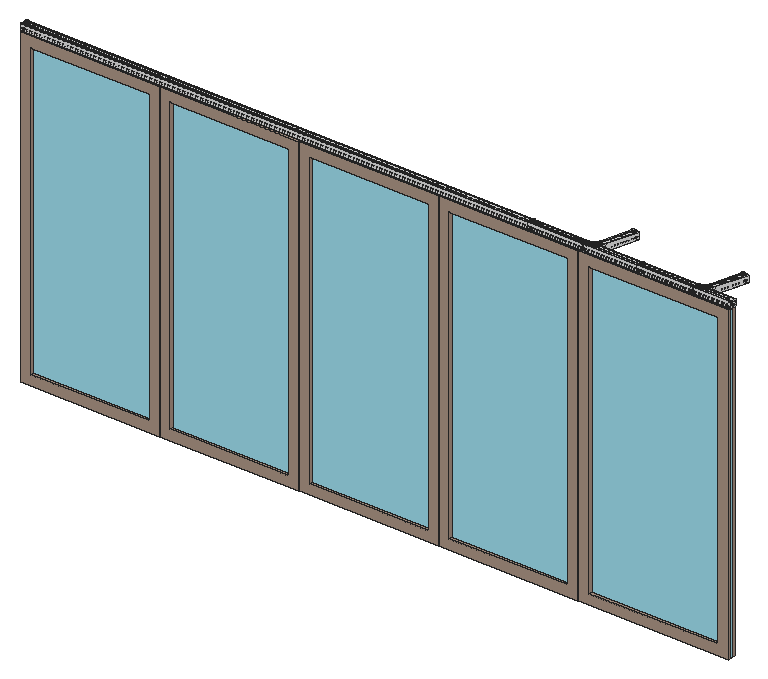
Revit family "RAYDOOR-SSPA4PV1", category Doors, host Wall, Revit 2016
Family settings
  Host = Wall
  Always vertical = Yes
  Cut with Voids When Loaded = No
  Shared = No
  Room Calculation Point = No
Parameters (values of type "208 15/16"x95"")
  URL = "www.raydoor.com"
  Type Image = SSPAPV.jpg
  Thickness = 2 1/4"  # constant formula
  Rough Width = 1"  # constant formula
  Rough Height = (Width - 3 15/16") / 5  # 41"
  Pivot Panel 2 = Rough Height + 3 21/32"  # 44 21/32"
  Pivot Panel = Rough Height + 3"  # 44"
  Panel = Rough Height + 3/32"  # 41 3/32"
  Operation = "sliding+pivot"  # constant formula
  Model = "SSPAPV"
  Function = Interior
  Door Material = Door - Panel
  Panel Material = Glass, Cast, Gray
  Height = 95"
  Trim Projection Ext = 63/64"  # constant formula
  Typ = 3"  # constant formula
  Wall Closure = By host
  Width = 208 15/16"
  Assembly Code = "SSPA4PV1"
Reference planes (in)
  plane 1: y = 0.00227
  plane 2: z = 0
  plane 3: x = 82.5
  plane 4: x = -21.96875
  plane 5: x = 186.96875
  plane 6: z = 95
  plane 7: x = 183.96875
  plane 8: x = 185.46875
  plane 9: x = -20.46875
  plane 10: x = -18.96875
  plane 11: y = -1.12355
  plane 12: y = 1.12645
  plane 13: z = 92.78125
  plane 14: x = 63.1875
  plane 15: x = 61.6875
  plane 16: x = 57.1875
  plane 17: x = 58.6875
  plane 18: x = 140.8125
  plane 19: x = 142.3125
  plane 20: x = 139.3125
  plane 21: x = 99.75
  plane 22: x = 101.25
  plane 23: x = 98.25
  plane 24: x = 17.625
  plane 25: x = 19.125
  plane 26: x = 16.125
  plane 27: x = 20.625
  plane 28: x = 22.125
  plane 29: x = 102.75
  plane 30: x = 104.25
  plane 31: x = 143.8125
  plane 32: x = 145.3125
  plane 33: x = 60.1875
Forms (in)
  Extrusion 1, solid, material "Door - Panel" <- "Door Material"
    sketch origin (-58, 3.87418, 0.25) x (1, 0, 0) y (0, 0, 1)
      loop
        line (118.21875, 92.53125) -> (118.21875, 0.375) -> (159.21875, 0.375) -> (159.21875, 92.53125) -> (118.21875, 92.53125)
      loop
        line (121.21875, 89.53125) -> (121.21875, 3.375) -> (156.21875, 3.375) -> (156.21875, 89.53125) -> (121.21875, 89.53125)
    from 2.74773 to 4.99773
  Extrusion 2, solid, material "Glass, Cast, Gray" <- "Panel Material"
    sketch origin (-57.74997, -26.22787, 0.25) x (1, 0, 0) y (0, 0, 1)
      loop
        line (117.96872, 92.53125) -> (117.96872, 0.375) -> (158.96872, 0.375) -> (158.96872, 92.53125) -> (117.96872, 92.53125)
    from -26.35104 to -26.10268
  Extrusion 3, solid, material "UHMW, White"
    sketch origin (0, 40.4202, -9.0893) x (0, 1, 0) y (0, 0, 1)
      loop
        arc (-39.68171, 103.71529) -> (-39.61212, 103.68646) -> (-39.58329, 103.61686) r 0.09843
        line (-39.58329, 103.61686) -> (-39.58329, 102.83537)
        arc (-39.58329, 102.83537) -> (-39.61289, 102.79387) -> (-39.66373, 102.79009) r 0.06004
        line (-39.66373, 102.79009) -> (-40.08329, 102.79009)
        arc (-40.08329, 102.79009) -> (-40.09721, 102.78433) -> (-40.10297, 102.77041) r 0.01969
        line (-40.10297, 102.77041) -> (-40.10297, 102.41607) -> (-40.04392, 102.41607)
        arc (-40.04392, 102.41607) -> (-40.03, 102.42184) -> (-40.02423, 102.43576) r 0.01969
        line (-40.02423, 102.43576) -> (-40.02423, 102.63261)
        arc (-40.02423, 102.63261) -> (-40.01847, 102.64653) -> (-40.00455, 102.6523) r 0.01969
        line (-40.00455, 102.6523) -> (-39.55179, 102.6523) -> (-39.55179, 102.21922)
        arc (-39.55179, 102.21922) -> (-39.55756, 102.20531) -> (-39.57148, 102.19954) r 0.01969
        line (-39.57148, 102.19954) -> (-40.07345, 102.19954)
        arc (-40.07345, 102.19954) -> (-40.10297, 102.16017) -> (-40.07345, 102.1208) r 0.04101
        line (-40.07345, 102.1208) -> (-39.51242, 102.1208)
        arc (-39.51242, 102.1208) -> (-39.48458, 102.13233) -> (-39.47305, 102.16017) r 0.03937
        line (-39.47305, 102.16017) -> (-39.47305, 104.05943)
        arc (-39.47305, 104.05943) -> (-39.4818, 104.08055) -> (-39.50292, 104.0893) r 0.02987
        line (-39.50292, 104.0893) -> (-39.55179, 104.0893) -> (-39.55179, 103.82552) -> (-40.02423, 103.82552) -> (-40.02423, 103.91214) -> (-39.95337, 103.91214) -> (-39.95337, 103.983) -> (-40.07345, 103.983)
        arc (-40.07345, 103.983) -> (-40.09433, 103.97436) -> (-40.10297, 103.95348) r 0.02953
        line (-40.10297, 103.95348) -> (-40.10297, 103.73497)
        arc (-40.10297, 103.73497) -> (-40.09721, 103.72105) -> (-40.08329, 103.71529) r 0.01969
        line (-40.08329, 103.71529) -> (-39.68171, 103.71529)
      loop
        line (-39.55967, 104.0893) -> (-41.2762, 104.0893) -> (-41.2762, 103.99088) -> (-41.20534, 103.99088) -> (-41.20534, 103.89998) -> (-41.2762, 103.89998) -> (-41.2762, 103.84127) -> (-40.81951, 103.84127) -> (-40.81951, 103.89998) -> (-40.89038, 103.89998) -> (-40.89038, 103.99088) -> (-40.75555, 103.99088)
        arc (-40.75555, 103.99088) -> (-40.73784, 103.98498) -> (-40.72721, 103.96964) r 0.02953
        line (-40.72721, 103.96964) -> (-40.70559, 103.89245) -> (-40.13028, 103.89245) -> (-40.10866, 103.96964)
        arc (-40.10866, 103.96964) -> (-40.09803, 103.98498) -> (-40.08032, 103.99088) r 0.02953
        line (-40.08032, 103.99088) -> (-39.94549, 103.99088) -> (-39.94549, 103.89998) -> (-40.01636, 103.89998) -> (-40.01636, 103.84127) -> (-39.55967, 103.84127) -> (-39.55967, 103.89998) -> (-39.63053, 103.89998) -> (-39.63053, 103.99088) -> (-39.55967, 103.99088) -> (-39.55967, 104.0893)
      loop
        line (-41.15416, 103.71529) -> (-40.75258, 103.71529)
        arc (-40.75258, 103.71529) -> (-40.73866, 103.72105) -> (-40.7329, 103.73497) r 0.01969
        line (-40.7329, 103.73497) -> (-40.7329, 103.95348)
        arc (-40.7329, 103.95348) -> (-40.74154, 103.97436) -> (-40.76242, 103.983) r 0.02953
        line (-40.76242, 103.983) -> (-40.8825, 103.983) -> (-40.8825, 103.91214) -> (-40.81164, 103.91214) -> (-40.81164, 103.82552) -> (-41.28408, 103.82552) -> (-41.28408, 104.0893) -> (-41.33295, 104.0893)
        arc (-41.33295, 104.0893) -> (-41.35407, 104.08055) -> (-41.36282, 104.05943) r 0.02987
        line (-41.36282, 104.05943) -> (-41.36282, 102.16017)
        arc (-41.36282, 102.16017) -> (-41.35129, 102.13233) -> (-41.32345, 102.1208) r 0.03937
        line (-41.32345, 102.1208) -> (-40.76242, 102.1208)
        arc (-40.76242, 102.1208) -> (-40.7329, 102.16017) -> (-40.76242, 102.19954) r 0.04101
        line (-40.76242, 102.19954) -> (-41.26439, 102.19954)
        arc (-41.26439, 102.19954) -> (-41.27831, 102.20531) -> (-41.28408, 102.21922) r 0.01969
        line (-41.28408, 102.21922) -> (-41.28408, 102.6523) -> (-40.83132, 102.6523)
        arc (-40.83132, 102.6523) -> (-40.8174, 102.64653) -> (-40.81164, 102.63261) r 0.01969
        line (-40.81164, 102.63261) -> (-40.81164, 102.43576)
        arc (-40.81164, 102.43576) -> (-40.80587, 102.42184) -> (-40.79195, 102.41607) r 0.01969
        line (-40.79195, 102.41607) -> (-40.7329, 102.41607) -> (-40.7329, 102.77041)
        arc (-40.7329, 102.77041) -> (-40.73866, 102.78433) -> (-40.75258, 102.79009) r 0.01969
        line (-40.75258, 102.79009) -> (-41.17214, 102.79009)
        arc (-41.17214, 102.79009) -> (-41.22298, 102.79387) -> (-41.25258, 102.83537) r 0.06004
        line (-41.25258, 102.83537) -> (-41.25258, 103.61686)
        arc (-41.25258, 103.61686) -> (-41.22375, 103.68646) -> (-41.15416, 103.71529) r 0.09843
    from -21.96875 to 186.96875
  Extrusion 4, void
    sketch origin (-195.25, -5.58383, 0.25) x (1, 0, 0) y (0, 0, 1)
      loop
        line (173.28125, -0.25) -> (382.21875, -0.25) -> (382.21875, 94.75) -> (173.28125, 94.75) -> (173.28125, -0.25)
    from -8.08609 to -3.08609
  Extrusion 5, solid, material "Door - Panel" <- "Door Material"
    sketch origin (-99, 3.87418, 0.25) x (1, 0, 0) y (0, 0, 1)
      loop
        line (118.15625, 92.53125) -> (118.15625, 0.375) -> (159.15625, 0.375) -> (159.15625, 92.53125) -> (118.15625, 92.53125)
      loop
        line (121.15625, 89.53125) -> (121.15625, 3.375) -> (156.15625, 3.375) -> (156.15625, 89.53125) -> (121.15625, 89.53125)
    from 2.74773 to 4.99773
  Extrusion 6, solid, material "Glass, Cast, Gray" <- "Panel Material"
    sketch origin (-98.84169, -25.60041, 0.25) x (1, 0, 0) y (0, 0, 1)
      loop
        line (117.99794, 92.53125) -> (117.99794, 0.375) -> (158.99794, 0.375) -> (158.99794, 92.53125) -> (117.99794, 92.53125)
    from -25.72358 to -25.47522
  Extrusion 7, solid, material "UHMW, White"
    sketch origin (-95.86615, -11.16274, 94.125) x (0, -1, 0) y (1, 0, 0)
      loop
        circle (-11.16501, 154.55365) r 0.125
    from -1.34375 to 0.875
  Sweep 8, solid, material "UHMW, White"
    path origin (0, 0, 0) x (1, 0, 0) y (0, 1, 0)
      loop
        line (148.31288, 11.81395) -> (145.8728, 2.70745)
        arc (145.8728, 2.70745) -> (145.02454, 1.43793) -> (143.57873, 0.94715) r 2.375
        line (143.57873, 0.94715) -> (127.23962, 0.94715)
    profile origin (135.40918, 0.94715, 0) x (0, -1, 0) y (0, 0, 1)
      loop
        line (0.11024, 93.74606) -> (0.11024, 94.52756)
        arc (0.11024, 94.52756) -> (0.13906, 94.59716) -> (0.20866, 94.62598) r 0.09843
        line (0.20866, 94.62598) -> (0.61024, 94.62598)
        arc (0.61024, 94.62598) -> (0.62415, 94.63175) -> (0.62992, 94.64567) r 0.01969
        line (0.62992, 94.64567) -> (0.62992, 94.86417)
        arc (0.62992, 94.86417) -> (0.62127, 94.88505) -> (0.60039, 94.8937) r 0.02953
        line (0.60039, 94.8937) -> (0.48031, 94.8937) -> (0.48031, 94.82283) -> (0.55118, 94.82283) -> (0.55118, 94.73622) -> (0.07874, 94.73622) -> (0.07874, 95) -> (0.02987, 95)
        arc (0.02987, 95) -> (0.00875, 94.99125) -> (0, 94.97013) r 0.02987
        line (0, 94.97013) -> (0, 93.07087)
        arc (0, 93.07087) -> (0.01153, 93.04303) -> (0.03937, 93.0315) r 0.03937
        line (0.03937, 93.0315) -> (0.60039, 93.0315)
        arc (0.60039, 93.0315) -> (0.62992, 93.07087) -> (0.60039, 93.11024) r 0.04101
        line (0.60039, 93.11024) -> (0.09842, 93.11024)
        arc (0.09842, 93.11024) -> (0.0845, 93.116) -> (0.07874, 93.12992) r 0.01969
        line (0.07874, 93.12992) -> (0.07874, 93.56299) -> (0.5315, 93.56299)
        arc (0.5315, 93.56299) -> (0.54541, 93.55723) -> (0.55118, 93.54331) r 0.01969
        line (0.55118, 93.54331) -> (0.55118, 93.34646)
        arc (0.55118, 93.34646) -> (0.55695, 93.33254) -> (0.57087, 93.32677) r 0.01969
        line (0.57087, 93.32677) -> (0.62992, 93.32677) -> (0.62992, 93.6811)
        arc (0.62992, 93.6811) -> (0.62415, 93.69502) -> (0.61024, 93.70079) r 0.01969
        line (0.61024, 93.70079) -> (0.19067, 93.70079)
        arc (0.19067, 93.70079) -> (0.13984, 93.70457) -> (0.11024, 93.74606) r 0.06004
      loop
        line (1.77953, 94.52756) -> (1.77953, 93.74606)
        arc (1.77953, 93.74606) -> (1.74992, 93.70457) -> (1.69909, 93.70079) r 0.06004
        line (1.69909, 93.70079) -> (1.27953, 93.70079)
        arc (1.27953, 93.70079) -> (1.26561, 93.69502) -> (1.25984, 93.6811) r 0.01969
        line (1.25984, 93.6811) -> (1.25984, 93.32677) -> (1.3189, 93.32677)
        arc (1.3189, 93.32677) -> (1.33282, 93.33254) -> (1.33858, 93.34646) r 0.01969
        line (1.33858, 93.34646) -> (1.33858, 93.54331)
        arc (1.33858, 93.54331) -> (1.34435, 93.55723) -> (1.35827, 93.56299) r 0.01969
        line (1.35827, 93.56299) -> (1.81102, 93.56299) -> (1.81102, 93.12992)
        arc (1.81102, 93.12992) -> (1.80526, 93.116) -> (1.79134, 93.11024) r 0.01969
        line (1.79134, 93.11024) -> (1.28937, 93.11024)
        arc (1.28937, 93.11024) -> (1.25984, 93.07087) -> (1.28937, 93.0315) r 0.04101
        line (1.28937, 93.0315) -> (1.85039, 93.0315)
        arc (1.85039, 93.0315) -> (1.87823, 93.04303) -> (1.88976, 93.07087) r 0.03937
        line (1.88976, 93.07087) -> (1.88976, 94.97013)
        arc (1.88976, 94.97013) -> (1.88102, 94.99125) -> (1.85989, 95) r 0.02987
        line (1.85989, 95) -> (1.81102, 95) -> (1.81102, 94.73622) -> (1.33858, 94.73622) -> (1.33858, 94.82283) -> (1.40945, 94.82283) -> (1.40945, 94.8937) -> (1.28937, 94.8937)
        arc (1.28937, 94.8937) -> (1.26849, 94.88505) -> (1.25984, 94.86417) r 0.02953
        line (1.25984, 94.86417) -> (1.25984, 94.64567)
        arc (1.25984, 94.64567) -> (1.26561, 94.63175) -> (1.27953, 94.62598) r 0.01969
        line (1.27953, 94.62598) -> (1.6811, 94.62598)
        arc (1.6811, 94.62598) -> (1.7507, 94.59716) -> (1.77953, 94.52756) r 0.09843
      loop
        line (0.65723, 94.80315) -> (1.23253, 94.80315) -> (1.25416, 94.88034)
        arc (1.25416, 94.88034) -> (1.26479, 94.89568) -> (1.2825, 94.90157) r 0.02953
        line (1.2825, 94.90157) -> (1.41732, 94.90157) -> (1.41732, 94.81067) -> (1.34646, 94.81067) -> (1.34646, 94.75197) -> (1.80315, 94.75197) -> (1.80315, 94.81067) -> (1.73228, 94.81067) -> (1.73228, 94.90157) -> (1.80315, 94.90157) -> (1.80315, 95) -> (0.08661, 95) -> (0.08661, 94.90157) -> (0.15748, 94.90157) -> (0.15748, 94.81067) -> (0.08661, 94.81067) -> (0.08661, 94.75197) -> (0.54331, 94.75197) -> (0.54331, 94.81067) -> (0.47244, 94.81067) -> (0.47244, 94.90157) -> (0.60726, 94.90157)
        arc (0.60726, 94.90157) -> (0.62497, 94.89568) -> (0.6356, 94.88034) r 0.02953
        line (0.6356, 94.88034) -> (0.65723, 94.80315)
  Extrusion 9, solid, material "UHMW, White"
    sketch origin (-133.71465, -11.16274, 94.125) x (0, -1, 0) y (1, 0, 0)
      loop
        circle (-11.16501, 154.33965) r 0.125
    from -1.34375 to 0.875
  Extrusion 10, solid, material "UHMW, White"
    sketch origin (-54.96465, -11.16274, 94.125) x (0, -1, 0) y (1, 0, 0)
      loop
        circle (-11.16501, 154.71465) r 0.125
    from -1.34375 to 0.875
  Extrusion 11, solid, material "UHMW, White"
    sketch origin (-137.03282, -11.16274, 94.125) x (0, -1, 0) y (1, 0, 0)
      loop
        circle (-11.16501, 154.65782) r 0.125
    from -1.34375 to 0.875
  Extrusion 12, solid, material "Door - Panel" <- "Door Material"
    sketch origin (-282, 3.87418, 0.25) x (1, 0, 0) y (0, 0, 1)
      loop
        line (260.09375, 92.53125) -> (260.09375, 0.375) -> (301.09375, 0.375) -> (301.09375, 92.53125) -> (260.09375, 92.53125)
      loop
        line (263.09375, 89.53125) -> (263.09375, 3.375) -> (298.09375, 3.375) -> (298.09375, 89.53125) -> (263.09375, 89.53125)
    from 2.74773 to 4.99773
  Extrusion 13, solid, material "Glass, Cast, Gray" <- "Panel Material"
    sketch origin (-281.84169, -25.60041, 0.25) x (1, 0, 0) y (0, 0, 1)
      loop
        line (259.93544, 92.53125) -> (259.93544, 0.375) -> (300.93544, 0.375) -> (300.93544, 92.53125) -> (259.93544, 92.53125)
    from -25.72358 to -25.47522
  Extrusion 14, solid, material "UHMW, White"
    sketch origin (-178.19949, -11.16274, 94.125) x (0, -1, 0) y (1, 0, 0)
      loop
        circle (-11.16501, 239.88699) r 0.125
    from -1.34375 to 0.875
  Extrusion 15, solid, material "UHMW, White"
    sketch origin (27.63385, -11.16274, 94.125) x (0, -1, 0) y (1, 0, 0)
      loop
        circle (-11.16501, 157.8349) r 0.125
    from -1.34375 to 0.875
  Extrusion 16, solid, material "UHMW, White"
    sketch origin (-13.53282, -11.16274, 94.125) x (0, -1, 0) y (1, 0, 0)
      loop
        circle (-11.16501, 154.34532) r 0.125
    from -1.34375 to 0.875
  Extrusion 17, solid, material "UHMW, White"
    sketch origin (-51.38132, -11.16274, 94.125) x (0, -1, 0) y (1, 0, 0)
      loop
        circle (-11.16501, 154.13132) r 0.125
    from -1.34375 to 0.875
  Extrusion 18, solid, material "Door - Panel" <- "Door Material"
    sketch origin (-13, 3.87418, 0.25) x (1, 0, 0) y (0, 0, 1)
      loop
        line (114.28125, 92.53125) -> (114.28125, 0.375) -> (155.28125, 0.375) -> (155.28125, 92.53125) -> (114.28125, 92.53125)
      loop
        line (117.28125, 89.53125) -> (117.28125, 3.375) -> (152.28125, 3.375) -> (152.28125, 89.53125) -> (117.28125, 89.53125)
    from 2.74773 to 4.99773
  Extrusion 19, solid, material "Glass, Cast, Gray" <- "Panel Material"
    sketch origin (-12.74997, -26.22787, 0.25) x (1, 0, 0) y (0, 0, 1)
      loop
        line (114.03122, 92.53125) -> (114.03122, 0.375) -> (155.03122, 0.375) -> (155.03122, 92.53125) -> (114.03122, 92.53125)
    from -26.35104 to -26.10268
  Extrusion 20, solid, material "Door - Panel" <- "Door Material"
    sketch origin (29, 3.87418, 0.25) x (1, 0, 0) y (0, 0, 1)
      loop
        line (113.46875, 92.53125) -> (113.46875, 0.375) -> (157.46875, 0.375) -> (157.46875, 92.53125) -> (113.46875, 92.53125)
      loop
        line (116.46875, 89.53125) -> (116.46875, 3.375) -> (154.46875, 3.375) -> (154.46875, 89.53125) -> (116.46875, 89.53125)
    from 2.74773 to 4.99773
  Extrusion 21, solid, material "Glass, Cast, Gray" <- "Panel Material"
    sketch origin (29.25003, -26.22787, 0.25) x (1, 0, 0) y (0, 0, 1)
      loop
        line (113.21872, 92.53125) -> (113.21872, 0.375) -> (157.21872, 0.375) -> (157.21872, 92.53125) -> (113.21872, 92.53125)
    from -26.35104 to -26.10268
  Extrusion 22, solid, material "UHMW, White"
    sketch origin (-216.2685, -11.16274, 94.125) x (0, -1, 0) y (1, 0, 0)
      loop
        circle (-11.16501, 195.79975) r 0.125
    from -1.34375 to 0.875
  Sweep 23, solid, material "UHMW, White"
    path origin (34.03125, 0, 0) x (1, 0, 0) y (0, 1, 0)
      loop
        line (146.53125, 11.81395) -> (144.09117, 2.70745)
        arc (144.09117, 2.70745) -> (143.24291, 1.43793) -> (141.7971, 0.94715) r 2.375
        line (141.7971, 0.94715) -> (125.45799, 0.94715)
    profile origin (167.6588, 0.94715, 0) x (0, -1, 0) y (0, 0, 1)
      loop
        line (0.11024, 93.74606) -> (0.11024, 94.52756)
        arc (0.11024, 94.52756) -> (0.13906, 94.59716) -> (0.20866, 94.62598) r 0.09843
        line (0.20866, 94.62598) -> (0.61024, 94.62598)
        arc (0.61024, 94.62598) -> (0.62415, 94.63175) -> (0.62992, 94.64567) r 0.01969
        line (0.62992, 94.64567) -> (0.62992, 94.86417)
        arc (0.62992, 94.86417) -> (0.62127, 94.88505) -> (0.60039, 94.8937) r 0.02953
        line (0.60039, 94.8937) -> (0.48031, 94.8937) -> (0.48031, 94.82283) -> (0.55118, 94.82283) -> (0.55118, 94.73622) -> (0.07874, 94.73622) -> (0.07874, 95) -> (0.02987, 95)
        arc (0.02987, 95) -> (0.00875, 94.99125) -> (0, 94.97013) r 0.02987
        line (0, 94.97013) -> (0, 93.07087)
        arc (0, 93.07087) -> (0.01153, 93.04303) -> (0.03937, 93.0315) r 0.03937
        line (0.03937, 93.0315) -> (0.60039, 93.0315)
        arc (0.60039, 93.0315) -> (0.62992, 93.07087) -> (0.60039, 93.11024) r 0.04101
        line (0.60039, 93.11024) -> (0.09842, 93.11024)
        arc (0.09842, 93.11024) -> (0.0845, 93.116) -> (0.07874, 93.12992) r 0.01969
        line (0.07874, 93.12992) -> (0.07874, 93.56299) -> (0.5315, 93.56299)
        arc (0.5315, 93.56299) -> (0.54541, 93.55723) -> (0.55118, 93.54331) r 0.01969
        line (0.55118, 93.54331) -> (0.55118, 93.34646)
        arc (0.55118, 93.34646) -> (0.55695, 93.33254) -> (0.57087, 93.32677) r 0.01969
        line (0.57087, 93.32677) -> (0.62992, 93.32677) -> (0.62992, 93.6811)
        arc (0.62992, 93.6811) -> (0.62415, 93.69502) -> (0.61024, 93.70079) r 0.01969
        line (0.61024, 93.70079) -> (0.19067, 93.70079)
        arc (0.19067, 93.70079) -> (0.13984, 93.70457) -> (0.11024, 93.74606) r 0.06004
      loop
        line (1.77953, 94.52756) -> (1.77953, 93.74606)
        arc (1.77953, 93.74606) -> (1.74992, 93.70457) -> (1.69909, 93.70079) r 0.06004
        line (1.69909, 93.70079) -> (1.27953, 93.70079)
        arc (1.27953, 93.70079) -> (1.26561, 93.69502) -> (1.25984, 93.6811) r 0.01969
        line (1.25984, 93.6811) -> (1.25984, 93.32677) -> (1.3189, 93.32677)
        arc (1.3189, 93.32677) -> (1.33282, 93.33254) -> (1.33858, 93.34646) r 0.01969
        line (1.33858, 93.34646) -> (1.33858, 93.54331)
        arc (1.33858, 93.54331) -> (1.34435, 93.55723) -> (1.35827, 93.56299) r 0.01969
        line (1.35827, 93.56299) -> (1.81102, 93.56299) -> (1.81102, 93.12992)
        arc (1.81102, 93.12992) -> (1.80526, 93.116) -> (1.79134, 93.11024) r 0.01969
        line (1.79134, 93.11024) -> (1.28937, 93.11024)
        arc (1.28937, 93.11024) -> (1.25984, 93.07087) -> (1.28937, 93.0315) r 0.04101
        line (1.28937, 93.0315) -> (1.85039, 93.0315)
        arc (1.85039, 93.0315) -> (1.87823, 93.04303) -> (1.88976, 93.07087) r 0.03937
        line (1.88976, 93.07087) -> (1.88976, 94.97013)
        arc (1.88976, 94.97013) -> (1.88102, 94.99125) -> (1.85989, 95) r 0.02987
        line (1.85989, 95) -> (1.81102, 95) -> (1.81102, 94.73622) -> (1.33858, 94.73622) -> (1.33858, 94.82283) -> (1.40945, 94.82283) -> (1.40945, 94.8937) -> (1.28937, 94.8937)
        arc (1.28937, 94.8937) -> (1.26849, 94.88505) -> (1.25984, 94.86417) r 0.02953
        line (1.25984, 94.86417) -> (1.25984, 94.64567)
        arc (1.25984, 94.64567) -> (1.26561, 94.63175) -> (1.27953, 94.62598) r 0.01969
        line (1.27953, 94.62598) -> (1.6811, 94.62598)
        arc (1.6811, 94.62598) -> (1.7507, 94.59716) -> (1.77953, 94.52756) r 0.09843
      loop
        line (0.65723, 94.80315) -> (1.23253, 94.80315) -> (1.25416, 94.88034)
        arc (1.25416, 94.88034) -> (1.26479, 94.89568) -> (1.2825, 94.90157) r 0.02953
        line (1.2825, 94.90157) -> (1.41732, 94.90157) -> (1.41732, 94.81067) -> (1.34646, 94.81067) -> (1.34646, 94.75197) -> (1.80315, 94.75197) -> (1.80315, 94.81067) -> (1.73228, 94.81067) -> (1.73228, 94.90157) -> (1.80315, 94.90157) -> (1.80315, 95) -> (0.08661, 95) -> (0.08661, 94.90157) -> (0.15748, 94.90157) -> (0.15748, 94.81067) -> (0.08661, 94.81067) -> (0.08661, 94.75197) -> (0.54331, 94.75197) -> (0.54331, 94.81067) -> (0.47244, 94.81067) -> (0.47244, 94.90157) -> (0.60726, 94.90157)
        arc (0.60726, 94.90157) -> (0.62497, 94.89568) -> (0.6356, 94.88034) r 0.02953
        line (0.6356, 94.88034) -> (0.65723, 94.80315)
Lines and regions (in)
  Masking region 1
    outline origin (0, 0, 0) x (1, 0, 0) y (0, 1, 0)
      loop
        line (183.46875, 1.37645) -> (183.46875, 3.62645) -> (142.46875, 3.62645) -> (142.46875, 1.37645) -> (183.46875, 1.37645)
      loop
        line (186.46875, 1.12645) -> (184.21875, 1.12645) -> (184.21875, -42.87355) -> (186.46875, -42.87355) -> (186.46875, 1.12645)
      loop
        line (183.46875, 3.87645) -> (183.46875, 6.12645) -> (142.46875, 6.12645) -> (142.46875, 3.87645) -> (183.46875, 3.87645)
      loop
        line (183.46875, 6.37645) -> (183.46875, 8.62645) -> (142.46875, 8.62645) -> (142.46875, 6.37645) -> (183.46875, 6.37645)
      loop
        line (183.46875, 8.87645) -> (183.46875, 11.12645) -> (142.46875, 11.12645) -> (142.46875, 8.87645) -> (183.46875, 8.87645)
  model lines
    curve 1: line (-21.96875, 2.50227, 0) -> (186.96875, 2.50227, 0)
    curve 2: line (-21.96875, -2.49773, 0) -> (186.96875, -2.49773, 0)
  symbolic lines, style "Plan Swing"
    curve 3: line (91.6223, -11.05138, 0) -> (73.38454, -11.05138, 0)
    curve 4: line (73.38454, -11.05138, 0) -> (75.50586, -8.93006, 0)
    curve 5: line (91.6223, -12.57036, 0) -> (73.38454, -12.57036, 0)
    curve 6: line (89.50098, -14.69168, 0) -> (91.6223, -12.57036, 0)
  symbolic lines, style "DoorsHiddenLines"
    curve 7: line (148.38725, 11.79357, 0) -> (145.94718, 2.68083, 0)
    curve 8: arc (145.94718, 2.68083, 0) -> (145.0699, 1.3735, 0) -> (143.57873, 0.86841, 0) r 2.45374
    curve 9: arc (186.46875, -42.87485, 0) -> (155.82112, -31.11217, 0) -> (142.46745, -1.12355, 0) r 42.89106
    curve 10: line (180.63688, 11.79357, 0) -> (178.19848, 2.68707, 0)
    curve 11: arc (178.19848, 2.68707, 0) -> (177.32209, 1.37547, 0) -> (175.82835, 0.86841, 0) r 2.45374
  symbolic lines, style "Elevation Swing"
    curve 12: line (66.611, 0, 37.98833) -> (98.91081, 0, 37.98833)
    curve 13: line (98.91081, 0, 32.79755) -> (66.611, 0, 32.79755)
    curve 14: line (66.611, 0, 37.98833) -> (70.14654, 0, 41.52386)
    curve 15: line (95.37527, 0, 29.26202) -> (98.91081, 0, 32.79755)
Text (in)
  text "Staking Area" at (209.56376, 29.89776, 0), in view "Ground floor"
Dimensions and locks (in)
  "Height": plane 6 to plane 2
  equal spacing: plane 7, plane 8, plane 5
  "Typ": plane 7 to plane 5
  "Typ": Extrusion 1 sketch curve to Extrusion 1 sketch curve  (x4)
  locked: Extrusion 2 to Extrusion 2 at 0.24836
  "Typ": plane 4 to plane 10
  "Thickness": plane 12 to plane 11
  equal spacing: plane 4, plane 9, plane 10
  locked: plane 6 to plane 13 at 2.21875
  "Typ": plane 33 to plane 14
  equal spacing: plane 33, plane 15, plane 14
  "Typ": plane 33 to plane 16
  equal spacing: plane 33, plane 17, plane 16
  "Typ": Extrusion 5 sketch curve to Extrusion 5 sketch curve  (x4)
  locked: Extrusion 6 to Extrusion 6 at 0.24836
  "Typ": plane 20 to plane 19
  equal spacing: plane 20, plane 18, plane 19
  "Typ": plane 23 to plane 22
  equal spacing: plane 23, plane 21, plane 22
  "Typ": plane 26 to plane 25
  equal spacing: plane 26, plane 24, plane 25
  "Typ": plane 25 to plane 28
  equal spacing: plane 25, plane 27, plane 28
  "Typ": plane 22 to plane 30
  equal spacing: plane 22, plane 29, plane 30
  "Typ": plane 19 to plane 32
  equal spacing: plane 19, plane 31, plane 32
  locked: Masking region 1 sketch curve to plane 5 at 3.5
  "Rough Height": Masking region 1 sketch curve to Masking region 1 sketch curve
  "Thickness": Masking region 1 sketch curve to Masking region 1 sketch curve  (x5)
  locked: Extrusion 9 sketch curve to plane 27 at 0.125
  locked: Extrusion 10 sketch curve to plane 21 at 0.125
  "Typ": Extrusion 12 sketch curve to Extrusion 12 sketch curve  (x4)
  locked: Extrusion 13 to Extrusion 13 at 0.24836
  locked: Extrusion 11 sketch curve to plane 24 at 0.125
  locked: Extrusion 17 sketch curve to plane 29 at 0.125
  "Typ": Extrusion 18 sketch curve to Extrusion 18 sketch curve  (x4)
  locked: Extrusion 19 to Extrusion 19 at 0.24836
  "Typ": Extrusion 20 sketch curve to Extrusion 20 sketch curve  (x4)
  locked: Extrusion 21 to Extrusion 21 at 0.24836
  "Width": plane 4 to plane 5
  Extrusion 12 to level = 5/8"
  Extrusion 3 to plane 6 = 1.9685"
  Extrusion 3 to Extrusion 3 = 1.88976"
  plane 13 to Extrusion 3 = 0.25025"
  plane 13 to plane 6 = 2 7/32"
  locked: plane 4 to Extrusion 12 sketch curve at 0.0625
  locked: Extrusion 20 sketch curve to plane 5 at 0.5
  locked: plane 19 to Extrusion 20 sketch curve at 0.15625
  locked: Extrusion 18 sketch curve to plane 19 at 0.03125
  locked: plane 22 to Extrusion 18 sketch curve at 0.03125
  locked: Extrusion 1 sketch curve to plane 22 at 0.03125
  locked: Extrusion 1 sketch curve to plane 33 at 0.03125
  locked: plane 25 to Extrusion 5 sketch curve at 0.03125
  "Pivot Panel": Masking region 1 sketch curve to Masking region 1 sketch curve
  equal spacing: plane 4, plane 3, plane 5
  locked: Masking region 1 sketch curve to plane 12 at 0.25
  locked: Masking region 1 sketch curve to Masking region 1 sketch curve at 0.25  (x3)
  locked: Extrusion 22 sketch curve to host wall at 0.125
  locked: plane 9 to Extrusion 22 sketch curve at 0.125
  locked: Sweep 8 sketch curve to plane 12 at 10.6875
  locked: plane 12 to Sweep 23 sketch curve at 0.1793
  locked: Sweep 23 sketch curve to plane 5 at 6.40625
  locked: Sweep 23 sketch curve to plane 12 at 10.6875
  locked: Extrusion 12 sketch curve to plane 25 at 0.03125
  locked: plane 33 to Extrusion 5 sketch curve at 0.03125
  locked: host wall to Extrusion 14 sketch curve at 0.125
  locked: Extrusion 14 sketch curve to plane 15 at 0.125
  "Pivot Panel 2": plane 19 to plane 5
  "Panel": plane 4 to plane 25
  equal spacing: plane 25, plane 33, plane 22, plane 19
  diameter of Extrusion 7 sketch curve = 1/4"
  radius of Sweep 8 sketch curve = 2 3/8"
  radius of Sweep 23 sketch curve = 2 3/8"
  radius of Extrusion 14 sketch curve = 1/8"
  locked: Sweep 8 sketch curve to Sweep 8 sketch curve (angle 105.00°)
  locked: Sweep 23 sketch curve to Sweep 23 sketch curve (angle 105.00°)
  aligned and locked: plane 5 to curve 1
  aligned and locked: Extrusion 1 to Extrusion 2
  aligned and locked: plane 4 to Extrusion 4
  aligned and locked: host wall to Extrusion 4  (x2)
  aligned and locked: Extrusion 4 to plane 5
  aligned and locked: level to Extrusion 4
  aligned and locked: Extrusion 5 to Extrusion 6
  aligned and locked: plane 13 to Extrusion 7
  aligned and locked: Extrusion 7 to plane 6
  aligned and locked: host wall to curve 2
  aligned and locked: Extrusion 5 to Extrusion 6 sketch curve
  aligned and locked: Extrusion 1 to Extrusion 2 sketch curve
  aligned and locked: plane 6 to Extrusion 3 sketch curve
  aligned and locked: plane 4 to Extrusion 3
  aligned and locked: Extrusion 3 to plane 5
  aligned and locked: plane 13 to Extrusion 9
  aligned and locked: Extrusion 9 to plane 6
  aligned and locked: plane 13 to Extrusion 10
  aligned and locked: Extrusion 10 to plane 6
  aligned and locked: Extrusion 12 to Extrusion 13
  aligned and locked: Extrusion 12 to Extrusion 13 sketch curve
  aligned and locked: Extrusion 11 to plane 6
  aligned and locked: plane 13 to Extrusion 11
  aligned and locked: plane 13 to Extrusion 14
  aligned and locked: Extrusion 14 to plane 6
  aligned and locked: Extrusion 12 to plane 13
  aligned and locked: Extrusion 17 to plane 6
  aligned and locked: plane 13 to Extrusion 17
  aligned and locked: Extrusion 16 to plane 6
  aligned and locked: Extrusion 15 to plane 6
  aligned and locked: plane 13 to Extrusion 15
  aligned and locked: plane 13 to Extrusion 16
  aligned and locked: Extrusion 18 to Extrusion 19
  aligned and locked: Extrusion 18 to Extrusion 19 sketch curve
  aligned and locked: Extrusion 20 to Extrusion 21
  aligned and locked: Extrusion 20 to Extrusion 21 sketch curve
  aligned and locked: Extrusion 18 to plane 13
  aligned and locked: Sweep 8 sketch curve to plane 6
  aligned and locked: Extrusion 19 to Extrusion 18  (x2)
  aligned and locked: Extrusion 6 to Extrusion 5  (x2)
  aligned and locked: Extrusion 2 to Extrusion 1  (x2)
  aligned and locked: Extrusion 13 to Extrusion 12  (x2)
  aligned and locked: Masking region 1 to Extrusion 20
  aligned and locked: Masking region 1 sketch curve to Extrusion 20
  aligned and locked: Masking region 1 sketch curve to Masking region 1 sketch curve  (x6)
  aligned and locked: plane 13 to Extrusion 22
  aligned and locked: Extrusion 22 to plane 6
  aligned and locked: curve 8 to Sweep 8
  aligned and locked: Sweep 23 sketch curve to plane 6
  aligned and locked: curve 11 to Sweep 23
Automatic sketch dimensions
  curve 1 to level = 0"
  plane 4 to curve 1 = 0"
  Extrusion 1 sketch curve to plane 13 = 0"
  level to Extrusion 1 sketch curve = 3 5/8"
  Extrusion 2 sketch curve to plane 13 = 0"
  Extrusion 2 sketch curve to plane 3 = 22 9/32"
  plane 22 to Extrusion 2 sketch curve = 1/32"
  plane 6 to Extrusion 3 sketch curve = 0"  (x2)
  plane 6 to Extrusion 3 sketch curve = 0.02987"
  plane 11 to Extrusion 3 sketch curve = 0.18094"
  Extrusion 3 sketch curve to Extrusion 3 sketch curve = 0.03937"  (x6)
  Extrusion 3 sketch curve to Extrusion 3 sketch curve = 0.04887"  (x2)
  plane 11 to Extrusion 3 sketch curve = 0.25968"
  Extrusion 3 sketch curve to Extrusion 3 sketch curve = 0.00787"  (x7)
  Extrusion 3 sketch curve to Extrusion 3 sketch curve = 0.01969"  (x6)
  Extrusion 3 sketch curve to Extrusion 3 sketch curve = 0.0315"
  Extrusion 3 sketch curve to Extrusion 3 sketch curve = 0.07087"  (x5)
  Extrusion 3 sketch curve to Extrusion 3 sketch curve = 0.05905"
  Extrusion 3 sketch curve to Extrusion 3 sketch curve = 0.02138"  (x2)
  Extrusion 3 sketch curve to Extrusion 3 sketch curve = 0.09843"  (x2)
  Extrusion 3 sketch curve to Extrusion 3 sketch curve = 0.31496"
  Extrusion 3 sketch curve to Extrusion 3 sketch curve = 0.34082"  (x2)
  Extrusion 3 sketch curve to Extrusion 3 sketch curve = 0.01804"
  Extrusion 3 sketch curve to Extrusion 3 sketch curve = 0.04921"  (x2)
  Extrusion 3 sketch curve to Extrusion 3 sketch curve = 0.01148"  (x2)
  Extrusion 3 sketch curve to Extrusion 3 sketch curve = 0.00687"  (x2)
  Extrusion 3 sketch curve to Extrusion 3 sketch curve = 0.07874"
  Extrusion 3 sketch curve to Extrusion 3 sketch curve = 0.05906"  (x5)
  Extrusion 3 sketch curve to Extrusion 3 sketch curve = 0.02266"  (x2)
  plane 6 to Extrusion 3 sketch curve = 0.11966"  (x2)
  Extrusion 3 sketch curve to Extrusion 3 sketch curve = 0.00568"  (x2)
  Extrusion 3 sketch curve to Extrusion 3 sketch curve = 0.02731"
  Extrusion 3 sketch curve to host wall = 0.28765"
  Extrusion 3 sketch curve to Extrusion 3 sketch curve = 0.02162"
  Extrusion 3 sketch curve to host wall = 0.31496"
  Extrusion 3 sketch curve to Extrusion 3 sketch curve = 0.02953"
  Extrusion 3 sketch curve to Extrusion 3 sketch curve = 0.26378"
  plane 6 to Extrusion 3 sketch curve = 0.09843"
  Extrusion 3 sketch curve to Extrusion 3 sketch curve = 0.05118"
  Extrusion 3 sketch curve to plane 12 = 0.27772"
  Extrusion 3 sketch curve to Extrusion 3 sketch curve = 0.11193"
  Extrusion 3 sketch curve to Extrusion 3 sketch curve = 0.00829"  (x2)
  Extrusion 3 sketch curve to Extrusion 3 sketch curve = 0.01616"  (x2)
  Extrusion 3 sketch curve to Extrusion 3 sketch curve = 0.04134"  (x2)
  Extrusion 3 sketch curve to Extrusion 3 sketch curve = 0.01216"  (x2)
  Extrusion 3 sketch curve to Extrusion 3 sketch curve = 0.0909"
  plane 6 to Extrusion 3 sketch curve = 0.18933"
  Extrusion 3 sketch curve to Extrusion 3 sketch curve = 0.06102"
  Extrusion 3 sketch curve to Extrusion 3 sketch curve = 0.05871"  (x2)
  Extrusion 3 sketch curve to Extrusion 3 sketch curve = 0.01575"  (x2)
  Extrusion 3 sketch curve to Extrusion 3 sketch curve = 0.09055"  (x2)
  Extrusion 3 sketch curve to Extrusion 3 sketch curve = 0.77067"  (x2)
  Extrusion 3 sketch curve to Extrusion 3 sketch curve = 0.01083"  (x2)
  Extrusion 3 sketch curve to Extrusion 3 sketch curve = 0.1378"  (x2)
  Extrusion 3 sketch curve to Extrusion 3 sketch curve = 0.19685"  (x2)
  Extrusion 3 sketch curve to plane 13 = 0.34867"  (x2)
  Extrusion 3 sketch curve to Extrusion 3 sketch curve = 0.06855"
  plane 4 to Extrusion 4 sketch curve = 0"
  plane 5 to Extrusion 4 sketch curve = 0"
  Extrusion 4 sketch curve to level = 0"
  Extrusion 4 sketch curve to plane 6 = 0"
  Extrusion 5 sketch curve to plane 13 = 0"
  level to Extrusion 5 sketch curve = 3 5/8"
  Extrusion 6 sketch curve to plane 13 = 0"
  Extrusion 6 sketch curve to plane 25 = 1/32"
  Extrusion 6 sketch curve to plane 3 = 22 11/32"
  host wall to Extrusion 7 sketch curve = 0"
  Extrusion 7 sketch curve to plane 17 = 0"
  curve 2 to level = 0"
  plane 5 to curve 2 = 0"
  plane 4 to curve 2 = 0"
  Sweep 8 sketch curve to plane 12 = 0.1793"
  profile plane to Sweep 8 sketch curve = 0"
  Sweep 8 sketch curve to profile plane = 0.02987"
  Sweep 8 sketch curve to profile plane = 0.03937"
  Sweep 8 sketch curve to Sweep 8 sketch curve = 0.04887"  (x2)
  Sweep 8 sketch curve to profile plane = 0.07874"
  Sweep 8 sketch curve to Sweep 8 sketch curve = 0.00787"  (x8)
  Sweep 8 sketch curve to profile plane = 0.08661"
  Sweep 8 sketch curve to Sweep 8 sketch curve = 0.01969"  (x9)
  Sweep 8 sketch curve to profile plane = 0.11024"
  Sweep 8 sketch curve to Sweep 8 sketch curve = 0.07087"  (x4)
  Sweep 8 sketch curve to Sweep 8 sketch curve = 0.05905"  (x2)
  Sweep 8 sketch curve to Sweep 8 sketch curve = 0.02138"  (x2)
  Sweep 8 sketch curve to Sweep 8 sketch curve = 0.09843"  (x3)
  Sweep 8 sketch curve to Sweep 8 sketch curve = 0.31496"
  Sweep 8 sketch curve to Sweep 8 sketch curve = 0.34082"  (x2)
  Sweep 8 sketch curve to Sweep 8 sketch curve = 0.06299"  (x2)
  Sweep 8 sketch curve to Sweep 8 sketch curve = 0.01804"
  Sweep 8 sketch curve to Sweep 8 sketch curve = 0.01148"  (x3)
  Sweep 8 sketch curve to Sweep 8 sketch curve = 0.04921"
  Sweep 8 sketch curve to Sweep 8 sketch curve = 0.00687"  (x2)
  Sweep 8 sketch curve to Sweep 8 sketch curve = 0.07874"
  Sweep 8 sketch curve to Sweep 8 sketch curve = 0.05906"  (x5)
  Sweep 8 sketch curve to Sweep 8 sketch curve = 0.00568"
  Sweep 8 sketch curve to Sweep 8 sketch curve = 0.02731"  (x2)
  Sweep 8 sketch curve to Sweep 8 sketch curve = 0.57531"
  Sweep 8 sketch curve to Sweep 8 sketch curve = 0.02162"
  Sweep 8 sketch curve to Sweep 8 sketch curve = 0.62992"
  Sweep 8 sketch curve to Sweep 8 sketch curve = 0.02834"
  Sweep 8 sketch curve to Sweep 8 sketch curve = 0.02953"
  Sweep 8 sketch curve to Sweep 8 sketch curve = 0"  (x2)
  Sweep 8 sketch curve to Sweep 8 sketch curve = 0.26378"
  Sweep 8 sketch curve to Sweep 8 sketch curve = 0.05118"
  Sweep 8 sketch curve to Sweep 8 sketch curve = 0.49049"
  Sweep 8 sketch curve to Sweep 8 sketch curve = 0.11193"
  Sweep 8 sketch curve to Sweep 8 sketch curve = 0.02987"  (x3)
  Sweep 8 sketch curve to Sweep 8 sketch curve = 0.06855"
  Sweep 8 sketch curve to Sweep 8 sketch curve = 0.01616"  (x2)
  Sweep 8 sketch curve to Sweep 8 sketch curve = 0.04134"
  Sweep 8 sketch curve to Sweep 8 sketch curve = 0.01216"  (x2)
  Sweep 8 sketch curve to Sweep 8 sketch curve = 0.0909"  (x2)
  Sweep 8 sketch curve to Sweep 8 sketch curve = 0.06102"
  Sweep 8 sketch curve to Sweep 8 sketch curve = 0.05871"  (x2)
  Sweep 8 sketch curve to Sweep 8 sketch curve = 0.01575"  (x2)
  Sweep 8 sketch curve to Sweep 8 sketch curve = 0.09055"  (x2)
  Sweep 8 sketch curve to Sweep 8 sketch curve = 0.77067"  (x2)
  Sweep 8 sketch curve to Sweep 8 sketch curve = 0.01083"  (x2)
  Sweep 8 sketch curve to Sweep 8 sketch curve = 0.1378"  (x2)
  Sweep 8 sketch curve to Sweep 8 sketch curve = 0.19685"  (x2)
  Sweep 8 sketch curve to Sweep 8 sketch curve = 0.43307"  (x2)
  Sweep 8 sketch curve to Sweep 8 sketch curve = 0.03937"
  host wall to Extrusion 9 sketch curve = 0"
  Extrusion 9 sketch curve to plane 27 = 0"
  host wall to Extrusion 10 sketch curve = 0"
  Extrusion 10 sketch curve to plane 21 = 0"
  host wall to Extrusion 11 sketch curve = 0"
  Extrusion 11 sketch curve to plane 24 = 0"
  Extrusion 12 sketch curve to plane 13 = 0"
  level to Extrusion 12 sketch curve = 3 5/8"
  Extrusion 13 sketch curve to plane 13 = 0"
  Extrusion 13 sketch curve to plane 4 = 1/16"
  host wall to Extrusion 15 sketch curve = 0"
  Extrusion 15 sketch curve to plane 8 = 0"
  host wall to Extrusion 16 sketch curve = 0"
  Extrusion 16 sketch curve to plane 18 = 0"
  host wall to Extrusion 17 sketch curve = 0"
  Extrusion 17 sketch curve to plane 29 = 0"
  Extrusion 18 sketch curve to plane 13 = 0"
  level to Extrusion 18 sketch curve = 3 5/8"
  Extrusion 19 sketch curve to plane 13 = 0"
  Extrusion 19 sketch curve to plane 22 = 1/32"
  plane 19 to Extrusion 19 sketch curve = 1/32"
  Extrusion 20 sketch curve to plane 13 = 0"
  level to Extrusion 20 sketch curve = 3 5/8"
  Extrusion 21 sketch curve to plane 13 = 0"
  Extrusion 21 sketch curve to plane 19 = 5/32"
  plane 5 to Extrusion 21 sketch curve = 1/2"
  host wall to Extrusion 22 sketch curve = 0"
  profile plane to Sweep 23 sketch curve = 0"
  Sweep 23 sketch curve to profile plane = 0.02987"
  Sweep 23 sketch curve to profile plane = 0.03937"
  Sweep 23 sketch curve to Sweep 23 sketch curve = 0.04887"  (x2)
  Sweep 23 sketch curve to profile plane = 0.07874"
  Sweep 23 sketch curve to Sweep 23 sketch curve = 0.00787"  (x8)
  Sweep 23 sketch curve to profile plane = 0.08661"
  Sweep 23 sketch curve to Sweep 23 sketch curve = 0.01969"  (x9)
  Sweep 23 sketch curve to profile plane = 0.11024"
  Sweep 23 sketch curve to Sweep 23 sketch curve = 0.07087"  (x3)
  Sweep 23 sketch curve to Sweep 23 sketch curve = 0.05905"  (x2)
  Sweep 23 sketch curve to Sweep 23 sketch curve = 0.02138"  (x2)
  Sweep 23 sketch curve to Sweep 23 sketch curve = 0.09843"
  Sweep 23 sketch curve to Sweep 23 sketch curve = 0.31496"
  Sweep 23 sketch curve to Sweep 23 sketch curve = 0.34082"  (x2)
  Sweep 23 sketch curve to Sweep 23 sketch curve = 0.06299"  (x2)
  Sweep 23 sketch curve to Sweep 23 sketch curve = 0.01804"
  Sweep 23 sketch curve to Sweep 23 sketch curve = 0.01148"  (x3)
  Sweep 23 sketch curve to Sweep 23 sketch curve = 0.04921"
  Sweep 23 sketch curve to Sweep 23 sketch curve = 0.00687"  (x2)
  Sweep 23 sketch curve to Sweep 23 sketch curve = 0.07874"
  Sweep 23 sketch curve to Sweep 23 sketch curve = 0.05906"  (x4)
  Sweep 23 sketch curve to Sweep 23 sketch curve = 0.00568"
  Sweep 23 sketch curve to Sweep 23 sketch curve = 0.02731"  (x2)
  Sweep 23 sketch curve to Sweep 23 sketch curve = 0.57531"
  Sweep 23 sketch curve to Sweep 23 sketch curve = 0.02162"
  Sweep 23 sketch curve to Sweep 23 sketch curve = 0.62992"
  Sweep 23 sketch curve to Sweep 23 sketch curve = 0.02834"
  Sweep 23 sketch curve to Sweep 23 sketch curve = 0.02953"
  Sweep 23 sketch curve to Sweep 23 sketch curve = 0"  (x3)
  Sweep 23 sketch curve to Sweep 23 sketch curve = 0.26378"
  Sweep 23 sketch curve to Sweep 23 sketch curve = 0.05118"  (x2)
  Sweep 23 sketch curve to Sweep 23 sketch curve = 0.49049"
  Sweep 23 sketch curve to Sweep 23 sketch curve = 0.11193"
  Sweep 23 sketch curve to Sweep 23 sketch curve = 0.02987"
  Sweep 23 sketch curve to Sweep 23 sketch curve = 0.03937"  (x2)
  Sweep 23 sketch curve to Sweep 23 sketch curve = 0.21654"  (x2)
  Sweep 23 sketch curve to Sweep 23 sketch curve = 0.19685"  (x2)
  Sweep 23 sketch curve to Sweep 23 sketch curve = 0.11811"  (x2)
  Sweep 23 sketch curve to Sweep 23 sketch curve = 0.04528"  (x2)
  Sweep 23 sketch curve to Sweep 23 sketch curve = 0.77067"  (x2)
  Sweep 23 sketch curve to Sweep 23 sketch curve = 0.11024"
  Sweep 23 sketch curve to Sweep 23 sketch curve = 0.09055"
  Sweep 23 sketch curve to Sweep 23 sketch curve = 0.01575"  (x2)
  Sweep 23 sketch curve to Sweep 23 sketch curve = 0.05871"  (x4)
  Sweep 23 sketch curve to Sweep 23 sketch curve = 0.01216"  (x2)
  Sweep 23 sketch curve to Sweep 23 sketch curve = 0.04134"  (x2)
  Sweep 23 sketch curve to Sweep 23 sketch curve = 0.01616"  (x2)
  Sweep 23 sketch curve to Sweep 23 sketch curve = 0.0909"  (x2)
  Sweep 23 sketch curve to Sweep 23 sketch curve = 0.06855"  (x2)
  Extrusion 13 sketch curve to plane 10 = 38 1/16"
  curve 9 to plane 11 = 0"
  curve 7 to plane 32 = 0.63468"
  host wall to curve 10 = 0.18481"
  host wall to curve 9 = 0.00082"
  plane 8 to curve 9 = 1/8"
  host wall to curve 4 = 8.55364"
  curve 6 to curve 3 = 1.51898"
  curve 9 to plane 19 = 0.15495"
  curve 3 to plane 23 = 6.6277"
  curve 3 to curve 4 = 2.12132"  (x2)
  curve 7 to plane 32 = 3.07475"
  plane 5 to curve 9 = 1/2"
  host wall to curve 7 = 9.2913"
  host wall to curve 10 = 9.2913"
  curve 4 to plane 3 = 9.11546"
  curve 5 to curve 3 = 0"  (x2)
  curve 6 to curve 5 = 2.12132"  (x2)
  curve 14 to plane 15 = 8.45904"
  level to curve 14 = 41.52386"
  plane 30 to curve 12 = 5.33919"
  level to curve 12 = 37.98833"
  plane 16 to curve 14 = 9.4235"
  plane 16 to curve 13 = 9.4235"
  curve 12 to curve 13 = 5.19077"
  plane 30 to curve 15 = 5.33919"
  plane 30 to curve 15 = 8.87473"
  curve 13 to curve 15 = 3.53553"
  plane 7 to curve 10 = 3.33188"
  plane 31 to Sweep 8 sketch curve = 0.23377"
  Masking region 1 sketch curve to plane 7 = 1/4"
  radius of Extrusion 15 sketch curve = 1/8"
  radius of Extrusion 16 sketch curve = 1/8"
